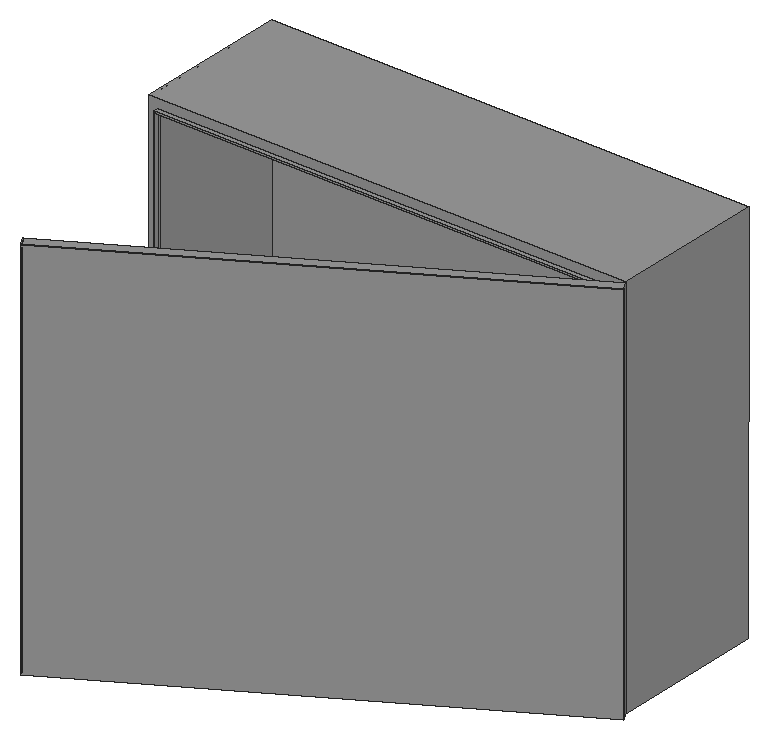
Revit family "Hager-Univers-IP55-D275-H650-Cl.I-Steel_encl-NoHosted-NL-en", category Equipement électrique, Revit 2020
Family settings
  Configuration du panneau = Deux colonnes, circuits au sein
  Cote de connecteur circulaire = Utiliser le diamètre
  Type d'élément = Tableau de raccordement
  Basée sur le plan de construction = Oui
  Toujours verticalement = Oui
  Couper avec des vides une fois chargée = Non
  Partagée = Non
  Point de calcul de pièce = Non
Parameters (values of type "Surface mounted (plaster) IP55 W800 H650 D275  - FR43E")
  Width Control [instance] = if([EF000008 - Width] > Min Width, [EF000008 - Width], Min Width)  # 800 mm
  Commentaires du type = [HG000003 - Range]  # "Univers"
  Thickness Door [instance] = if([EF009171 - Material plate thickness door/cover] > 3 mm, 3 mm, [EF009171 - Material plate thickness door/cover])  # 1.5 mm
  Seal Frame Offset [instance] = 17 mm  # constant formula
  Plinth Visibility [instance] = [HG000027 - Plinth height] > 0 mm  # no
  Min Width [instance] = 100 mm  # constant formula
  Min Depth [instance] = (2 * [EF009170 - Material plate thickness cabinet]) + 1 mm  # 4 mm
  Min Height [instance] = 100 mm  # constant formula
  Internal Frame Depth [instance] = (Door System Depth * 0.5)  # 9 mm
  Panel Name [instance] = ""  # (empty or 0)
  Model = ""
  HG000027 - Plinth height = 0 mm
  HG000026 - Floor standing = no
  HG000024 - Bottom section height = 600 mm
  HG000023 - Double section enclosure = no
  HG000016 - Door 3d visibility [instance] = yes
  HG000015 - Clearance visibility [instance] = no
  HG000014 - Door on the right [instance] = yes
  HG000013 - Door on the left [instance] = not([HG000014 - Door on the right])  # no
  HG000012 - Door swing angle [instance] = 30.00°
  HG000010 - Asymmetric doors = no
  HG000009 - Double swing door = no
  HG000006 - Flush mounted = no
  HG000004 - Manufacturer reference = "FR43E"
  HG000003 - Range = "Univers"
  HG000002 - With door or cover = yes
  Frame Offset Bottom [instance] = 10 mm  # constant formula
  Frame Offset [instance] = 15 mm  # constant formula
  EF015940 - Cover with overpressure release = no
  EF011959 - Degree of protection (NEMA) = ""
  EF009554 - Number of openings for flange plates = 6
  EF009212 - Cover model = "EV000116 - Closed"
  EF009171 - Material plate thickness door/cover = 1.5 mm
  EF009170 - Material plate thickness cabinet = 1.5 mm
  EF008873 - Nominal current (In) = 800 A
  EF007800 - Suitable for lightning protection = no
  EF006306 - With lock = no
  EF006244 - Transparent cover/door = no
  EF005474 - Degree of protection (IP) = "EV006420 - IP55"
  EF004464 - Type of door = "EV002646 - Single"
  EF004427 - Number of modules = 144
  EF004293 - Impact strength = "EV008784 - IK10"
  EF003532 - Suitable for outdoor use = no
  EF002950 - Width in number of modular spacings = 24
  EF001613 - Circuit integrity = "EV000494 - None"
  EF001596 - Material housing = "EV000179 - Steel"
  EF001131 - Internal depth = 275 mm
  EF001088 - Extension possible = yes
  EF000437 - Number of conduit inlets = 6
  EF000339 - Type of cover = "EV004216 - Door"
  EF000266 - Number of rows = 4
  EF000218 - Built-in depth = 0 mm
  EF000118 - With mounting plate = no
  EF000116 - RAL-number = "7035"
  EF000049 - Depth = 275 mm
  EF000040 - Height = 650 mm
  EF000008 - Width = 800 mm
  EF000007 - Colour = "EV000270 - Grey"
  EF000003 - Mounting method = "EV000384 - Surface mounted (plaster)"
  Door System Leaf Tolerance [instance] = 1.5 mm  # constant formula
  Door System Depth [instance] = 18 mm  # constant formula
  Door Height [instance] = Height Control - [HG000027 - Plinth height]  # 650 mm
  Description = ""
  Default Elevation = 1219.2 mm
  Connector Offset [instance] = Height Control / 2  # 325 mm
  Fabricant = "Hager"  # constant formula
  Height Control [instance] = if([EF000040 - Height] > Min Height, [EF000040 - Height], Min Height)  # 650 mm
  Depth Control [instance] = if([EF000049 - Depth] > Min Depth, [EF000049 - Depth], Min Depth)  # 275 mm
  Bottom Top Plate Trim [instance] = 1.5 mm  # constant formula
  Plinth height Ctrl [instance] = if([HG000027 - Plinth height] > 0 mm, [HG000027 - Plinth height], 12 mm)  # 12 mm
Types (5, lengths in mm): name | Width Control | HG000010 - Asymmetric doors | HG000009 - Double swing door | HG000004 - Manufacturer reference | EF009554 - Number of openings for flange plates | EF004464 - Type of door | EF004427 - Number of modules | EF000437 - Number of conduit inlets | EF000008 - Width
  Surface mounted (plaster) IP55 W1050 H650 D275  - FR44E | 1050 | no | yes | "FR44E" | 8 | "EV003602 - Double" | 192 | 8 | 1050
  Surface mounted (plaster) IP55 W1300 H650 D275  - FR45E | 1300 | yes | yes | "FR45E" | 10 | "EV003602 - Double" | 240 | 10 | 1300
  Surface mounted (plaster) IP55 W300 H650 D275  - FR41E | 300 | no | no | "FR41E" | 2 | "EV002646 - Single" | 48 | 2 | 300
  Surface mounted (plaster) IP55 W550 H650 D275  - FR42E | 550 | no | no | "FR42E" | 4 | "EV002646 - Single" | 96 | 4 | 550
  Surface mounted (plaster) IP55 W800 H650 D275  - FR43E | 800 | no | no | "FR43E" | 6 | "EV002646 - Single" | 144 | 6 | 800
Reference planes
  plane 1 "Center (Front/Back)": y = 0
  plane 2: z = 0
  plane 3 "Center (Left/Right)": x = 0
  plane 4: y = 0
  plane 5: y = 0
  plane 6: z = 0
  plane 7: x = -400
  plane 8: x = 400
  plane 9: x = 398.5
  plane 10: x = -398.5
  plane 11: z = 0
  plane 12: z = 1.5
  plane 13: y = -275
  plane 14: y = -1.5
  plane 15: x = 0
  plane 16: y = -257
  plane 17: y = -273.5
  plane 18: y = -255.5
  plane 19: x = -383.5
  plane 20: x = 383.5
  plane 21: z = 11.5
  plane 22: x = -383
  plane 23: x = 383
  plane 24: z = 0
  plane 25: z = 650
  plane 26: z = 650
  plane 27: z = 633.5
  plane 28: z = 648.5
Forms (mm)
  Extrusion 1, solid, material "Hager_Steel_RAL7035_Light_Grey", detail levels medium+fine
    sketch origin (-208.679, -4572, 0) x (-1, 0, 0) y (0, -1, 0)
      loop
        line (191.321, -4315) -> (-608.679, -4315) -> (-608.679, -4572) -> (191.321, -4572) -> (191.321, -4315)
    from 0 to 650
  Extrusion 2, void
    sketch origin (-350.771, -275, 1219.2) x (1, 0, 0) y (0, 0, 1)
      loop
        line (-47.729, -570.7) -> (-47.729, -1217.7) -> (749.271, -1217.7) -> (749.271, -570.7) -> (-47.729, -570.7)
    from -19.5 to -273.5
  Extrusion 3, void
    sketch origin (-290.084, -257, 1219.2) x (1, 0, 0) y (0, 0, 1)
      loop
        line (-93.416, -1207.7) -> (673.584, -1207.7) -> (673.584, -585.7) -> (-93.416, -585.7) -> (-93.416, -1207.7)
    from 0 to -1.5
  Extrusion 4, solid, material "Hager_Steel_RAL7035_Light_Grey", visible <- "Plinth Visibility", detail levels medium+fine
    sketch origin (0, 0, 0) x (1, 0, 0) y (0, 1, 0)
      loop
        line (-400, 0) -> (-400, -257) -> (400, -257) -> (400, 0) -> (-400, 0)
    from 0 to 12 <- "Plinth height Ctrl"
  Extrusion 5, solid, material "Hager_Steel_RAL7035_Light_Grey", detail levels coarse
    sketch origin (0, 0, 0) x (1, 0, 0) y (0, 1, 0)
      loop
        line (-400, 0) -> (-400, -275) -> (400, -275) -> (400, 0) -> (-400, 0)
    from 0 to 650 <- "Height Control"
  Sweep 6, void
    path in 3D
      loop
        line (-400, -257, 12) -> (400, -257, 12) -> (400, 0, 12) -> (-400, 0, 12) -> (-400, -257, 12)
    profile origin (-400, -128.5, 12) x (1, 0, 0) y (0, 0, 1)
      loop
        line (0, 0) -> (0, -1.5) -> (1.5, -1.5)
        arc (1.5, -1.5) -> (1.061, -0.439) -> (0, 0) r 1.5
  Extrusion 7, solid, material "Hager_Steel_RAL7035_Light_Grey", detail levels fine
    sketch origin (-400, -257, 0) x (1, 0, 0) y (0, 0, 1)
      loop
        line (16.5, 11.5) -> (783.5, 11.5) -> (783.5, 633.5) -> (16.5, 633.5) -> (16.5, 11.5)
      loop
        line (15, 10) -> (785, 10) -> (785, 635) -> (15, 635) -> (15, 10)
    from 0 to 9 <- "Internal Frame Depth"
Cuts and joins
  Extrusion 2, Extrusion 3 cuts Extrusion 1
  Sweep 6 cuts Extrusion 4
Lines and regions (mm)
  Masking region 1
    outline origin (0, 0, 0) x (1, 0, 0) y (0, 1, 0)
      loop
        line (-400, 0) -> (-400, -275) -> (400, -275) -> (400, 0) -> (-400, 0)
  Masking region 2, detail levels coarse
    outline origin (-290.084, -257, 1219.2) x (-1, 0, 0) y (0, 0, 1)
      loop
        line (-690.084, -1219.2) -> (109.916, -1219.2) -> (109.916, -569.2) -> (-690.084, -569.2) -> (-690.084, -1219.2)
  Masking region 3, detail levels coarse
    outline origin (0, 0, 0) x (0, 1, 0) y (0, 0, 1)
      loop
        line (0, 0) -> (0, 650) -> (-275, 650) -> (-275, 0) -> (0, 0)
  Masking region 4, visible <- "Plinth Visibility", detail levels medium+fine
    outline origin (0, 0, 0) x (0, 1, 0) y (0, 0, 1)
      loop
        line (-1.5, 12) -> (-255.5, 12)
        arc (-255.5, 12) -> (-255.939, 10.939) -> (-257, 10.5) r 1.5
        line (-257, 10.5) -> (-257, 0) -> (0, 0) -> (0, 10.5)
        arc (0, 10.5) -> (-1.061, 10.939) -> (-1.5, 12) r 1.5
  Masking region 5, detail levels medium+fine
    outline origin (0, 0, 594.038) x (0, 1, 0) y (0, 0, 1)
      loop
        line (0, -594.038) -> (0, 55.962) -> (-257, 55.962) -> (-257, -594.038) -> (0, -594.038)
  Masking region 6, detail levels medium+fine
    outline origin (-359.7, -257, 1211.883) x (-1, 0, 0) y (0, 0, 1)
      loop
        line (-759.7, -1211.883) -> (40.3, -1211.883) -> (40.3, -561.883) -> (-759.7, -561.883) -> (-759.7, -1211.883)
  Masking region 7, visible <- "Plinth Visibility", detail levels medium+fine
    outline origin (-320.334, -257, 1041.368) x (-1, 0, 0) y (0, 0, 1)
      loop
        line (-720.334, -1041.368) -> (79.666, -1041.368) -> (79.666, -1030.868)
        arc (79.666, -1030.868) -> (78.606, -1030.429) -> (78.166, -1029.368) r 1.5
        line (78.166, -1029.368) -> (-718.834, -1029.368)
        arc (-718.834, -1029.368) -> (-719.273, -1030.429) -> (-720.334, -1030.868) r 1.5
        line (-720.334, -1030.868) -> (-720.334, -1041.368)
  sketch lines
    curve 1: line (-400, 0, 12) -> (-400, -257, 12)
    curve 2: line (-400, -257, 12) -> (400, -257, 12)
    curve 3: line (400, 0, 12) -> (-400, 0, 12)
    curve 4: line (400, -257, 12) -> (400, 0, 12)
Dimensions and locks
  locked: plane 1 "Center (Front/Back)" to plane 5
  "EF009170 - Material plate thickness cabinet": plane 7 to plane 10
  "EF009170 - Material plate thickness cabinet": plane 8 to plane 9
  equal spacing: plane 7, plane 3 "Center (Left/Right)", plane 8
  "Width Control": plane 7 to plane 8
  "Depth Control": plane 4 to plane 13
  "EF009170 - Material plate thickness cabinet": plane 4 to plane 14
  "Height Control": plane 25 to level
  "HG000027 - Plinth height": plane 11 to level
  "EF009170 - Material plate thickness cabinet": plane 12 to plane 11
  "EF009170 - Material plate thickness cabinet": plane 17 to plane 13
  "EF009170 - Material plate thickness cabinet": plane 18 to plane 16
  "Frame Offset Bottom": plane 21 to plane 12
  "Frame Offset": plane 10 to plane 19
  "Frame Offset": plane 9 to plane 20
  "Door System Depth": plane 16 to plane 13
  "Seal Frame Offset": plane 7 to plane 22
  "Seal Frame Offset": plane 8 to plane 23
  "EF009170 - Material plate thickness cabinet": plane 26 to plane 28
  "Frame Offset": plane 28 to plane 27
  "Connector Offset": plane 2 to connector elem
  "Bottom Top Plate Trim": profile plane to Sweep 6 sketch curve
  "Bottom Top Plate Trim": Sweep 6 sketch curve to Sweep 6 sketch curve
  "Plinth height Ctrl": Masking region 4 sketch curve to level
  "Plinth height Ctrl": Masking region 7 sketch curve to level
  "Thickness Door": Extrusion 7 sketch curve to Extrusion 7 sketch curve  (x4)
  "Bottom Top Plate Trim": radius of Sweep 6 sketch curve
  "Bottom Top Plate Trim": radius of Masking region 4 sketch curve  (x2)
  "Bottom Top Plate Trim": radius of Masking region 7 sketch curve  (x2)
  aligned and locked: Extrusion 2 sketch curve to plane 12
  aligned and locked: Extrusion 2 sketch curve to plane 9
  aligned and locked: Extrusion 2 sketch curve to plane 10
  aligned and locked: Extrusion 2 to plane 14
  aligned and locked: Extrusion 1 sketch curve to plane 4
  aligned and locked: plane 8 to Extrusion 1 sketch curve
  aligned and locked: plane 7 to Extrusion 1 sketch curve
  aligned and locked: Extrusion 2 to plane 18
  aligned and locked: Extrusion 3 sketch curve to plane 19
  aligned and locked: plane 20 to Extrusion 3 sketch curve
  aligned and locked: Extrusion 3 to Extrusion 2
  aligned and locked: Extrusion 3 sketch curve to plane 21
  aligned and locked: plane 3 "Center (Left/Right)" to nested 1
  aligned and locked: Extrusion 1 sketch curve to plane 16
  aligned and locked: Extrusion 4 sketch curve to cut or joined group of Extrusion 1, Extrusion 2, Extrusion 3
  aligned and locked: Masking region 1 sketch curve to plane 7
  aligned and locked: Masking region 1 sketch curve to plane 5
  aligned and locked: Masking region 1 sketch curve to plane 8
  aligned and locked: Masking region 2 sketch curve to level
  aligned and locked: level to Masking region 3 sketch curve
  aligned and locked: plane 1 "Center (Front/Back)" to Masking region 3 sketch curve
  aligned and locked: plane 13 to Masking region 3 sketch curve
  aligned and locked: plane 5 to Masking region 4 sketch curve
  aligned and locked: Masking region 2 sketch curve to plane 8
  aligned and locked: Masking region 2 sketch curve to plane 7
  aligned and locked: plane 7 to nested 2
  aligned and locked: nested 2 to plane 5
  aligned and locked: plane 5 to Masking region 5 sketch curve
  aligned and locked: plane 26 to Masking region 5 sketch curve
  aligned and locked: Extrusion 5 sketch curve to plane 8
  aligned and locked: Extrusion 5 sketch curve to plane 7
  aligned and locked: Extrusion 5 sketch curve to plane 5
  aligned and locked: Extrusion 3 sketch curve to plane 27
  aligned and locked: Extrusion 2 sketch curve to plane 28
  aligned and locked: Masking region 2 to plane 25
  aligned and locked: Extrusion 4 to plane 16
  aligned and locked: profile plane to Sweep 6 sketch curve
  aligned and locked: Masking region 5 sketch curve to plane 24
  aligned and locked: level to Masking region 4 sketch curve
  aligned and locked: Masking region 1 to plane 13
  aligned and locked: nested 1 to plane 16
  aligned and locked: Masking region 3 to plane 25
  aligned and locked: plane 16 to Masking region 4 sketch curve
  aligned and locked: Masking region 5 sketch curve to plane 16
  aligned and locked: plane 24 to plane 11
  aligned and locked: plane 26 to plane 25
  aligned and locked: plane 26 to cut or joined group of Extrusion 1, Extrusion 2, Extrusion 3
  aligned and locked: nested 1 to plane 24
  aligned and locked: Extrusion 1 to Extrusion 3
  aligned and locked: Masking region 6 sketch curve to plane 8
  aligned and locked: Masking region 6 sketch curve to plane 24
  aligned and locked: Masking region 6 sketch curve to plane 7
  aligned and locked: Masking region 6 sketch curve to plane 26
  aligned and locked: Masking region 7 sketch curve to plane 7
  aligned and locked: level to Masking region 7 sketch curve
  aligned and locked: Masking region 7 sketch curve to plane 8
  aligned and locked: Extrusion 7 sketch curve to cut or joined group of Extrusion 1, Extrusion 2, Extrusion 3  (x4)
Automatic sketch dimensions
  plane 19 to Extrusion 3 sketch curve = 0 mm
  Extrusion 3 sketch curve to plane 20 = 0 mm
  Extrusion 3 sketch curve to plane 21 = 0 mm
  Extrusion 4 sketch curve to plane 7 = 0 mm
  Extrusion 4 sketch curve to plane 8 = 0 mm
  Extrusion 4 sketch curve to plane 16 = 0 mm
  Masking region 1 sketch curve to plane 13 = 0 mm
  Masking region 2 sketch curve to plane 25 = 0 mm
  Masking region 3 sketch curve to plane 25 = 0 mm
  Extrusion 5 sketch curve to plane 13 = 0 mm
  profile plane to Sweep 6 sketch curve = 0 mm
Nested families
  nested 1: "EC000058_Univers_Door" at (0, -257, 0), Double <- "HG000009 - Double swing door", Transparent <- "EF006244 - Transparent cover/door", Angle <- "HG000012 - Door swing angle", Door_Right <- "HG000014 - Door on the right", Assymetrical <- "HG000010 - Asymmetric doors", Door <- "HG000002 - With door or cover", Width_Ctrl <- "Width Control", 3d_Door <- "HG000016 - Door 3d visibility", Clearance <- "HG000015 - Clearance visibility", Door_Left <- "HG000013 - Door on the left", Width <- "Width Control", Door_Depth <- "Door System Depth", Leaf_Tolerance <- "Door System Leaf Tolerance", Height <- "Door Height", Lock_Visibility <- "EF006306 - With lock", Thickness <- "Thickness Door", type "EC000058_Univers_Door", detail levels medium+fine
    with min_wh 4 mm, Width_Ctrl 800 mm, Width 800 mm, Transparent no, Thickness 1.5 mm, Seal_Material Hager_Rubber, Lock_Visibility no, Lock_Material Hager_Plastic_RAL9005_Jet_Black, Leaf_Width 800 mm, Leaf_Tolerance_External_Sides 0 mm, Leaf_Tolerance 1.5 mm, Leaf_Offset 0 mm, Leaf_Height 647 mm, Leaf_2_Width 800 mm, Leaf_2_Offset 400 mm, Leaf_1_Width 800 mm, Leaf_1_Offset 400 mm, Height_Ctrl 650 mm, Height 650 mm, Glass_Material Hager_Glass, Double_Clearance_Ctrl no, Double no, Door_Right_Ctrl yes, Door_Right yes, Door_Material Hager_Steel_RAL7035_Light_Grey, Door_Left_Ctrl no, Door_Left no, Door_Depth 18 mm, Door yes, Clearance_Material Hager_Clearance, Clearance_Depth 800 mm, Clearance_Ctrl no, Clearance no, Assymetrical no, Angle 30.00°, 3d_Door yes
  nested 2: "Hager_Enclosure_Symbol" at (-400, 0, 0), Height <- "Depth Control", Width <- "Width Control", type "Hager_Enclosure_Symbol"
    with Width_Ctrl 800 mm, Width 800 mm, Height_Ctrl 275 mm, Height 275 mm, A_Width_Int 18.047 mm, A_Width 216.562 mm, A_Height_Ctrl 240.625 mm, A_Height 240.625 mm
Connectors
  electrical at (0, 0, 325)
    settings: on plane 1 "Center (Front/Back)", index 1, voltage 0 V, apparent load 0 VA, apparent load phase1 0 VA, apparent load phase2 0 VA, apparent load phase3 0 VA, power factor 1, load classification "Other", number of poles 1, system type 30, power factor state 1, is connector primary yes, connector utility no, sub classification motor no, connector description ""
Definition of nested family "EC000058_Univers_Door"
  Parameters (values of type "EC000058_Univers_Door")
    min_wh [instance] = (2 * Thickness) + 1 mm  # 11 mm
    Width_Ctrl [instance] = 400 mm
    Width [instance] = 500 mm
    Transparent [instance] = yes
    Thickness [instance] = 5 mm
    Seal_Material [instance] = none
    Lock_Visibility [instance] = yes
    Lock_Material [instance] = none
    Leaf_Width [instance] = if((Width_Ctrl - 2 * Leaf_Tolerance_External_Sides) > 0 mm, (Width_Ctrl - 2 * Leaf_Tolerance_External_Sides), min_wh)  # 400 mm
    Leaf_Tolerance_External_Sides [instance] = 0 mm  # constant formula
    Leaf_Tolerance [instance] = 1.5 mm
    Leaf_Offset [instance] = 0 mm  # constant formula
    Leaf_Height [instance] = if((Height_Ctrl - 2 * Leaf_Tolerance) > 0 mm, (Height_Ctrl - 2 * Leaf_Tolerance), min_wh)  # 497 mm
    Leaf_2_Width [instance] = if(and(and(Double, Assymetrical), Door_Left), (Leaf_Width / 3) - (Leaf_Tolerance / 2), if(and(and(Double, Assymetrical), Door_Right), (Leaf_Width / 3) * 2 - (Leaf_Tolerance / 2), if(and(Double, not(Assymetrical)), (Leaf_Width / 2) - Leaf_Tolerance, Leaf_Width)))  # 400 mm
    Leaf_2_Offset [instance] = if(and(Double, Assymetrical), Leaf_2_Width / 2, if(and(Double, not(Assymetrical)), Leaf_Width / 4, Leaf_Width / 2))  # 200 mm
    Leaf_1_Width [instance] = if(and(and(Double, Assymetrical), Door_Right), (Leaf_Width / 3) - (Leaf_Tolerance / 2), if(and(and(Double, Assymetrical), Door_Left), (Width / 3) * 2 - (Leaf_Tolerance / 2), if(and(Double, not(Assymetrical)), (Leaf_Width / 2) - Leaf_Tolerance, Leaf_Width)))  # 400 mm
    Leaf_1_Offset [instance] = if(and(Double, Assymetrical), Leaf_1_Width / 2, if(and(Double, not(Assymetrical)), Leaf_Width / 4, Leaf_Width / 2))  # 200 mm
    Height_Ctrl [instance] = if(Height > min_wh, Height, min_wh)  # 500 mm
    Height [instance] = 500 mm
    Glass_Material [instance] = none
    Double_Clearance_Ctrl [instance] = and(Double, Clearance)  # no
    Double [instance] = no
    Door_Right_Ctrl [instance] = and(or(Door_Right, Double), Door)  # yes
    Door_Right [instance] = yes
    Door_Material [instance] = none
    Door_Left_Ctrl [instance] = and(or(Door_Left, Double), Door)  # no
    Door_Left [instance] = no
    Door_Depth [instance] = 30 mm
    Door [instance] = yes
    Default Elevation = 1219.2 mm
    Clearance_Material [instance] = none
    Clearance_Depth [instance] = if(Leaf_1_Width > Leaf_2_Width, Leaf_1_Width, Leaf_2_Width)  # 400 mm
    Clearance_Ctrl [instance] = and(not(Double), Clearance)  # yes
    Clearance [instance] = yes
    Assymetrical [instance] = yes
    Angle [instance] = 30.00°
    3d_Door [instance] = yes
  Reference planes
    plane 1 "Center (Front/Back)": y = 0
    plane 2 "Bottom": z = 0
    plane 3 "Center (Left/Right)": x = 0
    plane 4: z = 500
    plane 5: x = -200
    plane 6: x = 200
    plane 7: z = 500
    plane 8: x = -200
    plane 9: z = 0
    plane 10: x = 200
    plane 11: y = 0
    plane 12: z = 1.5
    plane 13: x = -600
    plane 14: y = -400
    plane 15: x = 600
    plane 16: x = 0
    plane 17: x = 0
    plane 18: x = -200
    plane 19: x = 200
    plane 20: z = 498.5
  Forms (mm)
    Extrusion 1, solid, material <- "Clearance_Material", visible <- "Double_Clearance_Ctrl"
      sketch origin (1200, 0, 0) x (1, 0, 0) y (0, 0, -1)
        loop
          line (-1800, -498.5) -> (-600, -498.5) -> (-600, 0) -> (-1800, 0) -> (-1800, -498.5)
      from 0 to -400
  Dimensions and locks
    equal spacing: plane 5, plane 3 "Center (Left/Right)", plane 6
    "Width_Ctrl": plane 5 to plane 6
    "Leaf_Offset": plane 5 to plane 8
    "Leaf_Offset": plane 6 to plane 10
    "Leaf_Offset": plane 9 to level
    "Leaf_Offset": plane 4 to plane 7
    "Height_Ctrl": plane 4 to level
    "Leaf_Tolerance": plane 12 to plane 9
    locked: plane 11 to plane 1 "Center (Front/Back)"
    "Leaf_1_Offset": plane 18 to plane 16
    "Leaf_2_Offset": plane 17 to plane 19
    "Leaf_1_Width": plane 13 to plane 8
    "Leaf_2_Width": plane 10 to plane 15
    "Clearance_Depth": plane 14 to plane 1 "Center (Front/Back)"
    "Leaf_Tolerance_External_Sides": plane 8 to plane 18
    "Leaf_Tolerance_External_Sides": plane 19 to plane 10
    "Leaf_Tolerance": plane 7 to plane 20
    aligned and locked: level to plane 2 "Bottom"
    aligned and locked: nested 1 to plane 16
    aligned and locked: nested 2 to plane 17
    aligned and locked: Extrusion 1 to plane 13
    aligned and locked: plane 15 to Extrusion 1
    aligned and locked: Extrusion 1 to plane 14
    aligned and locked: plane 12 to nested 1
    aligned and locked: nested 2 to plane 12
    aligned and locked: Extrusion 1 to plane 11
    aligned and locked: plane 20 to Extrusion 1
    aligned and locked: nested 2 to plane 11
    aligned and locked: nested 1 to plane 11
  Automatic sketch dimensions
    Extrusion 1 sketch curve to level = 0 mm
    plane 5 to Extrusion 1 sketch curve = 400 mm
    plane 6 to Extrusion 1 sketch curve = 400 mm
    Extrusion 1 sketch curve to plane 4 = 1.5 mm
  Nested families
    nested 1: "EC000058_Univers_Door_Leaf" at (0, 0, 1.5), Width <- "Leaf_1_Width", visible <- "Door_Left_Ctrl", Leaf_Height <- "Leaf_Height", Angle <- "Angle", 3d_Door <- "3d_Door", Transparent <- "Transparent", Clearance Material <- "Clearance_Material", Clearance <- "Clearance_Ctrl", Door_Material <- "Door_Material", Glass_Material <- "Glass_Material", Door_Depth <- "Door_Depth", Lock_Material <- "Lock_Material", Seal_Material <- "Seal_Material", Lock_Visibility <- "Lock_Visibility", Thickness <- "Thickness", type "EC000058_Univers_Door_Leaf"
      with Width 400 mm, Transparent_Glass_Offset 30 mm, Transparent_Ctrl yes, Transparent yes, Thickness 5 mm, Standard no, Seal_Material none, Seal_D2 8 mm, Seal_D1 1 mm, Offset_Internal_Frame 10 mm, Lock_Width 20 mm, Lock_Visibility_3d yes, Lock_Visibility yes, Lock_Thickness_3 3 mm, Lock_Thickness_2 1 mm, Lock_Thickness_1 3 mm, Lock_Radius_Offset_2 16 mm, Lock_Radius_Offset_1 15 mm, Lock_Radius_2 5 mm, Lock_Radius 6 mm, Lock_Offset 5 mm, Lock_Material none, Lock_Height 80 mm, Lock_Cover_Top_Offset_2d 17 mm, Lock_Cover_Height -65 mm, Leaf_Height 497 mm, Internal_Seal_Thickness 8 mm, Internal_Seal_Depth_2 4.5 mm, Internal_Frame_Depth 25 mm, Glass_Thickness -1 mm, Glass_Offset -2 mm, Glass_Material none, Door_Material none, Door_Depth 30 mm, Clearance Material none, Clearance yes, Angle_Ctrl 30.00°, Angle 30.00°, 3d_Door yes
    nested 2: "EC000058_Univers_Door_Leaf" at (0, 0, 1.5) x (-1, 0, 0) z (0, 0, 1), Width <- "Leaf_2_Width", visible <- "Door_Right_Ctrl", Leaf_Height <- "Leaf_Height", Angle <- "Angle", 3d_Door <- "3d_Door", Transparent <- "Transparent", Clearance Material <- "Clearance_Material", Clearance <- "Clearance_Ctrl", Door_Material <- "Door_Material", Glass_Material <- "Glass_Material", Door_Depth <- "Door_Depth", Lock_Material <- "Lock_Material", Seal_Material <- "Seal_Material", Lock_Visibility <- "Lock_Visibility", Thickness <- "Thickness", type "EC000058_Univers_Door_Leaf"
      with Width 400 mm, Transparent_Glass_Offset 30 mm, Transparent_Ctrl yes, Transparent yes, Thickness 5 mm, Standard no, Seal_Material none, Seal_D2 8 mm, Seal_D1 1 mm, Offset_Internal_Frame 10 mm, Lock_Width 20 mm, Lock_Visibility_3d yes, Lock_Visibility yes, Lock_Thickness_3 3 mm, Lock_Thickness_2 1 mm, Lock_Thickness_1 3 mm, Lock_Radius_Offset_2 16 mm, Lock_Radius_Offset_1 15 mm, Lock_Radius_2 5 mm, Lock_Radius 6 mm, Lock_Offset 5 mm, Lock_Material none, Lock_Height 80 mm, Lock_Cover_Top_Offset_2d 17 mm, Lock_Cover_Height -65 mm, Leaf_Height 497 mm, Internal_Seal_Thickness 8 mm, Internal_Seal_Depth_2 4.5 mm, Internal_Frame_Depth 25 mm, Glass_Thickness -1 mm, Glass_Offset -2 mm, Glass_Material none, Door_Material none, Door_Depth 30 mm, Clearance Material none, Clearance yes, Angle_Ctrl 30.00°, Angle 30.00°, 3d_Door yes
  Definition of nested family "EC000058_Univers_Door_Leaf"
    Parameters (values of type "EC000058_Univers_Door_Leaf")
      Width [instance] = 2000 mm
      Transparent_Glass_Offset [instance] = 30 mm
      Transparent_Ctrl [instance] = and(Transparent, [3d_Door])  # yes
      Transparent [instance] = yes
      Thickness [instance] = 5 mm
      Standard [instance] = and(not(Transparent), [3d_Door])  # no
      Seal_Material [instance] = none
      Seal_D2 [instance] = 8 mm  # constant formula
      Seal_D1 [instance] = 1 mm  # constant formula
      Offset_Internal_Frame [instance] = 10 mm  # constant formula
      Lock_Width [instance] = 20 mm  # constant formula
      Lock_Visibility_3d [instance] = and(Lock_Visibility, [3d_Door])  # yes
      Lock_Visibility [instance] = yes
      Lock_Thickness_3 [instance] = 3 mm  # constant formula
      Lock_Thickness_2 [instance] = 1 mm  # constant formula
      Lock_Thickness_1 [instance] = 3 mm  # constant formula
      Lock_Radius_Offset_2 [instance] = Lock_Radius_Offset_1 + 1 mm  # 16 mm
      Lock_Radius_Offset_1 [instance] = 15 mm  # constant formula
      Lock_Radius_2 [instance] = Lock_Radius - 1 mm  # 5 mm
      Lock_Radius [instance] = 6 mm  # constant formula
      Lock_Offset [instance] = 5 mm  # constant formula
      Lock_Material [instance] = none
      Lock_Height [instance] = 80 mm  # constant formula
      Lock_Cover_Top_Offset_2d [instance] = Lock_Radius_Offset_2 + 1 mm  # 17 mm
      Lock_Cover_Height [instance] = -(Lock_Height - Lock_Radius_Offset_1)  # -65 mm
      Leaf_Height [instance] = 2720.336 mm
      Internal_Seal_Thickness [instance] = 8 mm  # constant formula
      Internal_Seal_Depth_2 [instance] = 4.5 mm  # constant formula
      Internal_Frame_Depth [instance] = if(Door_Depth - Thickness > 5 mm, Door_Depth - Thickness, 5 mm)  # 25 mm
      Glass_Thickness [instance] = if(Thickness > 15 mm, Glass_Offset + 10 mm, -1 mm)  # -1 mm
      Glass_Offset [instance] = if(Thickness > 15 mm, -(Thickness + 10 mm) / 2, -2 mm)  # -2 mm
      Glass_Material [instance] = none
      Door_Material [instance] = none
      Door_Depth [instance] = 30 mm
      Default Elevation = 0 mm
      Clearance Material [instance] = none
      Clearance [instance] = yes
      Angle_Ctrl [instance] = if(Angle > 180.00°, 180.00°, Angle)  # 90.00°
      Angle [instance] = 90.00°
      3d_Door [instance] = yes
    Reference planes
      plane 1 "Center (Front/Back)": y = 0
      plane 2: z = 0
      plane 3 "Center (Left/Right)": x = 0
      plane 4: y = 2000
      plane 5: x = -1000
      plane 6: x = 1000
      plane 7: x = -3000
      plane 8: z = 2720.336
      plane 9: z = 30
      plane 10: z = 2690.336
      plane 11: x = 970
      plane 12: x = -970
      plane 13: y = -3
      plane 14: z = 107.833
      plane 15: y = -5
      plane 16: y = -223.314
      plane 17: x = -1000
      plane 18: z = 1360.168
      plane 19: y = 30
    Forms (mm)
      Extrusion 1, solid, material <- "Clearance Material", visible <- "Clearance"
        sketch origin (0, 0, 0) x (1, 0, 0) y (0, 0, 1)
          loop
            line (-3000, 2720.336) -> (-3000, 0) -> (1000, 0) -> (1000, 2720.336) -> (-3000, 2720.336)
        from 0 to -2000
      Extrusion 2, solid, material <- "Door_Material", visible <- "Standard", detail levels medium+fine
        sketch origin (-1000, 0, 0) x (0, 1, 0) y (-1, 0, 0)
          loop
            line (0, 30) -> (0, 25) -> (2000, 25) -> (2000, 30) -> (0, 30)
        from 0 to 2720.336 <- "Leaf_Height"
      Extrusion 3, solid, material <- "Door_Material", visible <- "Transparent_Ctrl", detail levels medium+fine
        sketch origin (-1000, 0, 0) x (0, 1, 0) y (-1, 0, 0)
          loop
            line (0, 25) -> (2000, 25) -> (2000, 30) -> (0, 30) -> (0, 25)
        from 0 to 2720.336 <- "Leaf_Height"
      Extrusion 4, void
        sketch origin (-1025, 2000, 0) x (0, 1, 0) y (0, 0, -1)
          loop
            line (-30, -2690.336) -> (-30, -30) -> (-1970, -30) -> (-1970, -2690.336) -> (-30, -2690.336)
        from 0 to 5 <- "Thickness"
      Sweep 5, solid, material <- "Seal_Material", visible <- "Transparent_Ctrl", detail levels fine
        path in 3D
          loop
            line (-1025, 30, 30) -> (-1025, 30, 2690.336) -> (-1025, 1970, 2690.336) -> (-1025, 1970, 30) -> (-1025, 30, 30)
        profile origin (-1025, 1000, 30) x (1, 0, 0) y (0, 0, 1)
          loop
            line (0, 0) -> (0, -8) -> (1, -8) -> (1, 0) -> (0, 0)
      Extrusion 6, solid, material <- "Glass_Material", visible <- "Transparent_Ctrl", detail levels medium+fine
        sketch origin (-1030, 0, 0) x (0, 1, 0) y (0, 0, -1)
          loop
            line (1970, -2690.336) -> (1970, -30) -> (30, -30) -> (30, -2690.336) -> (1970, -2690.336)
        from -2 <- "Glass_Offset" to -1 <- "Glass_Thickness"
      Extrusion 7, solid, material <- "Door_Material", visible <- "3d_Door", detail levels medium+fine
        sketch origin (-1025, 2000, 0) x (0, -1, 0) y (0, 0, -1)
          loop
            line (0, -2720.336) -> (2000, -2720.336) -> (2000, 0) -> (0, 0) -> (0, -2720.336)
          loop
            line (1995, -5) -> (5, -5) -> (5, -2715.336) -> (1995, -2715.336) -> (1995, -5)
        from 0 to 25 <- "Internal_Frame_Depth"
      Sweep 8, solid, material <- "Seal_Material", visible <- "Transparent_Ctrl", detail levels fine
        path in 3D
          loop
            line (-1025, 0, 0) -> (-1025, 2000, 0) -> (-1025, 2000, 2720.336) -> (-1025, 0, 2720.336) -> (-1025, 0, 0)
        profile origin (-1025, 0, 1360.168) x (1, 0, 0) y (0, 1, 0)
          loop
            line (0, 10) -> (2.975, 10)
            arc (2.975, 10) -> (4.053, 10.447) -> (4.5, 11.525) r 1.525
            line (4.5, 11.525) -> (4.5, 16.527)
            arc (4.5, 16.527) -> (4.069, 17.569) -> (3.027, 18) r 1.473
            line (3.027, 18) -> (0, 18) -> (0, 10)
      Extrusion 9, solid, material <- "Lock_Material", visible <- "Lock_Visibility_3d", detail levels fine
        sketch origin (-1030, 0, 0) x (0, 1, 0) y (0, 0, -1)
          loop
            arc (1993.5, -1400.168) -> (1994.561, -1399.729) -> (1995, -1398.668) r 1.5
            line (1995, -1398.668) -> (1995, -1320.168) -> (1975, -1320.168) -> (1975, -1398.668)
            arc (1975, -1398.668) -> (1975.439, -1399.729) -> (1976.5, -1400.168) r 1.5
            line (1976.5, -1400.168) -> (1993.5, -1400.168)
        from 3 <- "Lock_Thickness_1" to 0
      Blend 10, solid, material <- "Lock_Material", visible <- "Lock_Visibility_3d", detail levels fine
        base sketch origin (-1033, 0, 0) x (0, 1, 0) y (0, 0, -1)
          loop
            line (1975, -1320.168) -> (1975, -1398.668)
            arc (1975, -1398.668) -> (1975.439, -1399.729) -> (1976.5, -1400.168) r 1.5
            line (1976.5, -1400.168) -> (1993.5, -1400.168)
            arc (1993.5, -1400.168) -> (1994.561, -1399.729) -> (1995, -1398.668) r 1.5
            line (1995, -1398.668) -> (1995, -1320.168) -> (1975, -1320.168)
        top sketch origin (-1033, 0, 0) x (0, 1, 0) y (0, 0, -1)
          loop
            line (1976, -1320.168) -> (1976, -1398.668)
            arc (1976, -1398.668) -> (1976.146, -1399.022) -> (1976.5, -1399.168) r 0.5
            line (1976.5, -1399.168) -> (1993.5, -1399.168)
            arc (1993.5, -1399.168) -> (1993.854, -1399.022) -> (1994, -1398.668) r 0.5
            line (1994, -1398.668) -> (1994, -1320.168) -> (1976, -1320.168)
        from 0 to 1 <- "Lock_Thickness_2"
      Blend 11, solid, material <- "Lock_Material", visible <- "Lock_Visibility_3d", detail levels fine
        base sketch origin (-1034, 0, 0) x (0, 1, 0) y (0, 0, -1)
          loop
            line (1978, -1320.168) -> (1978, -1384.168)
            arc (1978, -1384.168) -> (1985, -1391.168) -> (1992, -1384.168) r 7
            line (1992, -1384.168) -> (1992, -1320.168) -> (1978, -1320.168)
        top sketch origin (-1034, 0, 0) x (0, 1, 0) y (0, 0, -1)
          loop
            line (1991, -1320.168) -> (1979, -1320.168) -> (1979, -1383.168)
            arc (1979, -1383.168) -> (1985, -1389.168) -> (1991, -1383.168) r 6
            line (1991, -1383.168) -> (1991, -1320.168)
        from 0 to 3 <- "Lock_Thickness_3"
      Extrusion 12, solid, material <- "Lock_Material", visible <- "Lock_Visibility_3d", detail levels fine
        sketch origin (-1030, 1975, 1320.168) x (1, 0, 0) y (0, -1, 0)
          loop
            line (-7, -19) -> (-7, -1) -> (0, -1) -> (0, 0) -> (-8, 0) -> (-8, -20) -> (0, -20) -> (0, -19) -> (-7, -19)
        from 0 to -65 <- "Lock_Cover_Height"
      Extrusion 13, void
        sketch origin (-1038, 1995, 1320.168) x (-1, 0, 0) y (0, 0, -1)
          loop
            line (-5, -65) -> (0, -65) -> (-5, -60) -> (-5, -65)
        from 0 to 20 <- "Lock_Width"
      Extrusion 14, void
        sketch origin (-1038, 1975, 1320.168) x (0, -1, 0) y (0, 0, -1)
          loop
            circle (-10, -15.995) r 6
          loop
            circle (-10, -15.995) r 5
        from 0 to 2
      Extrusion 15, solid, material <- "Lock_Material", visible <- "Lock_Visibility_3d", detail levels medium
        sketch origin (-1030, 0, 0) x (0, 1, 0) y (0, 0, -1)
          loop
            arc (1993.5, -1400.168) -> (1994.561, -1399.729) -> (1995, -1398.668) r 1.5
            line (1995, -1398.668) -> (1995, -1320.168) -> (1975, -1320.168) -> (1975, -1398.668)
            arc (1975, -1398.668) -> (1975.439, -1399.729) -> (1976.5, -1400.168) r 1.5
            line (1976.5, -1400.168) -> (1993.5, -1400.168)
        from 8 to 0
    Cuts and joins
      Extrusion 4 cuts Extrusion 3
      Extrusion 13, Extrusion 14 cuts Extrusion 9
      Extrusion 14 cuts Blend 11
      Extrusion 13, Extrusion 14 cuts Extrusion 12
      joined: Extrusion 9, Blend 10, Blend 11, Extrusion 12
      Extrusion 14 cuts Extrusion 15
    Lines and regions (mm)
      Masking region 1, visible <- "Lock_Visibility", detail levels fine
        outline origin (0, 0, 0) x (0, 1, 0) y (0, 0, 1)
          loop
            line (30, 1320.168) -> (33, 1320.168) -> (33, 1400.168) -> (30, 1400.168) -> (30, 1320.168)
      Masking region 2, visible <- "Lock_Visibility", detail levels fine
        outline origin (0, 3.143, 0) x (0, 1, 0) y (0, 0, 1)
          loop
            line (29.857, 1354.168) -> (30.857, 1354.168) -> (30.857, 1366.168) -> (29.857, 1366.168) -> (29.857, 1354.168)
      Masking region 3, detail levels medium+fine
        outline origin (0, 0, 0) x (0, 1, 0) y (0, 0, 1)
          loop
            line (0, 0) -> (30, 0) -> (30, 2720.336) -> (0, 2720.336) -> (0, 0)
      Masking region 4, detail levels medium+fine
        outline origin (0, 0, 0) x (1, 0, 0) y (0, 0, 1)
          loop
            line (-1000, 2720.336) -> (-1000, 0) -> (1000, 0) -> (1000, 2720.336) -> (-1000, 2720.336)
      Masking region 5, visible <- "Lock_Visibility", detail levels fine
        outline origin (-47.116, 0, 0) x (1, 0, 0) y (0, 0, 1)
          loop
            arc (1024.616, 1399.168) -> (1023.556, 1398.729) -> (1023.116, 1397.668) r 1.5
            line (1023.116, 1397.668) -> (1023.116, 1320.168) -> (1041.116, 1320.168) -> (1041.116, 1397.668)
            arc (1041.116, 1397.668) -> (1040.677, 1398.729) -> (1039.616, 1399.168) r 1.5
            line (1039.616, 1399.168) -> (1024.616, 1399.168)
      Masking region 6, visible <- "Lock_Visibility", detail levels medium+fine
        outline origin (-25, 0, 0) x (1, 0, 0) y (0, 0, 1)
          loop
            arc (1001.5, 1400.168) -> (1000.439, 1399.729) -> (1000, 1398.668) r 1.5
            line (1000, 1398.668) -> (1000, 1320.168) -> (1020, 1320.168) -> (1020, 1398.668)
            arc (1020, 1398.668) -> (1019.561, 1399.729) -> (1018.5, 1400.168) r 1.5
            line (1018.5, 1400.168) -> (1001.5, 1400.168)
      Masking region 7, visible <- "Lock_Visibility", detail levels fine
        outline origin (-73.735, 0, 0) x (1, 0, 0) y (0, 0, 1)
          loop
            line (1051.735, 1382.168) -> (1065.735, 1382.168) -> (1065.735, 1384.168)
            arc (1065.735, 1384.168) -> (1058.735, 1391.168) -> (1051.735, 1384.168) r 7
            line (1051.735, 1384.168) -> (1051.735, 1382.168)
      Masking region 8, visible <- "Lock_Visibility", detail levels fine
        outline origin (-73.735, 0, 0) x (1, 0, 0) y (0, 0, 1)
          loop
            line (1052.735, 1382.168) -> (1064.735, 1382.168) -> (1064.735, 1383.168)
            arc (1064.735, 1383.168) -> (1058.735, 1389.168) -> (1052.735, 1383.168) r 6
            line (1052.735, 1383.168) -> (1052.735, 1382.168)
      Masking region 9, visible <- "Lock_Visibility", detail levels fine
        outline origin (-25, 0, 0) x (1, 0, 0) y (0, 0, 1)
          loop
            line (1020, 1320.168) -> (1020, 1382.168) -> (1000, 1382.168) -> (1000, 1320.168) -> (1020, 1320.168)
      Masking region 10, detail levels medium+fine
        outline origin (0, 0, 0) x (1, 0, 0) y (0, 0, 1)
          loop
            circle (985, 1335.144) r 6
      Masking region 11, detail levels fine
        outline origin (0, 0, 0) x (1, 0, 0) y (0, 0, 1)
          loop
            circle (985, 1335.144) r 5
      Masking region 12, visible <- "Lock_Visibility", detail levels fine
        outline origin (0, 12.767, 0) x (0, 1, 0) y (0, 0, 1)
          loop
            line (20.233, 1320.168) -> (21.233, 1320.168) -> (21.233, 1399.168) -> (20.233, 1400.168) -> (20.233, 1320.168)
      Masking region 13, visible <- "Lock_Visibility", detail levels fine
        outline origin (0, 13.767, -10) x (0, 1, 0) y (0, 0, 1)
          loop
            line (20.233, 1330.168) -> (23.233, 1330.168) -> (23.233, 1399.168) -> (20.233, 1402.168) -> (20.233, 1330.168)
      Masking region 14, visible <- "Lock_Visibility", detail levels fine
        outline origin (0, 12.767, -10) x (0, 1, 0) y (0, 0, 1)
          loop
            line (20.233, 1330.168) -> (25.233, 1330.168) -> (25.233, 1399.305) -> (20.233, 1394.305) -> (20.233, 1330.168)
      Masking region 15, visible <- "Lock_Visibility", detail levels medium
        outline origin (0, 0, 0) x (0, 1, 0) y (0, 0, 1)
          loop
            line (30, 1320.168) -> (38, 1320.168) -> (38, 1400.168) -> (30, 1400.168) -> (30, 1320.168)
      Masking region 16, visible <- "Lock_Visibility", detail levels fine
        outline origin (-1000, 0, 0) x (0, 1, 0) y (-1, 0, 0)
          loop
            line (1975, 30) -> (1995, 30) -> (1995, 38) -> (1975, 38) -> (1975, 30)
          loop
            line (1979, 37) -> (1976, 37) -> (1976, 34) -> (1978, 34) -> (1979, 37)
          loop
            line (1994, 37) -> (1991, 37) -> (1992, 34) -> (1994, 34) -> (1994, 37)
      Masking region 17, visible <- "Lock_Visibility", detail levels medium
        outline origin (-1000, 0, 0) x (0, 1, 0) y (-1, 0, 0)
          loop
            line (1975, 30) -> (1995, 30) -> (1995, 38) -> (1975, 38) -> (1975, 30)
      symbolic lines
        curve 1: line (1000, 0, 0) -> (-3000, 0, 0)
        curve 2: arc (1000, 0, 0) -> (-1000, 2000, 0) -> (-3000, 0, 0) r 2000
        curve 4: line (-1030, 0, 0) -> (-1030, 2000, 0)
      reference lines
        curve 3: line (-1000, 0, 0) -> (-1000, 2000, 0)
      symbolic lines, detail levels medium+fine
        curve 5: line (-1030, 2000, 0) -> (-1025, 2000, 0)
        curve 7: line (-1025, 0, 0) -> (-1030, 0, 0)
        curve 8: line (-1025, 0, 0) -> (-1000, 0, 0)
        curve 9: line (-1000, 0, 0) -> (-1000, 2000, 0)
        curve 10: line (-1000, 2000, 0) -> (-1025, 2000, 0)
      symbolic lines, detail levels fine
        curve 6: line (-1025, 2000, 0) -> (-1025, 0, 0)
      sketch lines
        curve 11: line (-1025, 0, 2720.336) -> (-1025, 0, 0)
        curve 12: line (-1025, 2000, 0) -> (-1025, 0, 0)
        curve 13: line (-1025, 2000, 2720.336) -> (-1025, 2000, 0)
        curve 14: line (-1025, 0, 2720.336) -> (-1025, 2000, 2720.336)
        curve 15: line (-1025, 1970, 30) -> (-1025, 30, 30)
        curve 16: line (-1025, 30, 30) -> (-1025, 30, 2690.336)
        curve 17: line (-1025, 1970, 2690.336) -> (-1025, 1970, 30)
        curve 18: line (-1025, 30, 2690.336) -> (-1025, 1970, 2690.336)
      symbolic lines, visible <- "Transparent", detail levels medium+fine
        curve 19: line (-970, 0, 2690.336) -> (970, 0, 2690.336)
        curve 20: line (-970, 0, 30) -> (-970, 0, 2690.336)
        curve 21: line (970, 0, 30) -> (-970, 0, 30)
        curve 22: line (970, 0, 2690.336) -> (970, 0, 30)
    Dimensions and locks
      "Width": plane 1 "Center (Front/Back)" to plane 4
      equal spacing: plane 5, plane 3 "Center (Left/Right)", plane 6
      "Width": plane 5 to plane 6
      "Width": plane 7 to plane 5
      "Leaf_Height": plane 8 to level
      "Width": curve 5 to curve 3
      "Width": curve 3 to curve 3
      plane 8 to plane 10 = 30 mm
      plane 9 to level = 30 mm
      plane 12 to plane 5 = 30 mm
      plane 6 to plane 11 = 30 mm
      Extrusion 1 to Extrusion 4 sketch curve = 30 mm
      "Transparent_Glass_Offset": curve 3 to Extrusion 4 sketch curve
      "Transparent_Glass_Offset": Extrusion 4 sketch curve to cut or joined group of Extrusion 3, Extrusion 4  (x2)
      cut or joined group of Extrusion 3, Extrusion 4 to Extrusion 6 sketch curve = 30 mm
      "Transparent_Glass_Offset": cut or joined group of Extrusion 3, Extrusion 4 to Extrusion 4 sketch curve
      "Thickness": curve 6 to curve 4
      "Thickness": Extrusion 7 sketch curve to Extrusion 7 sketch curve  (x4)
      "Door_Depth": curve 4 to curve 3
      "Offset_Internal_Frame": profile plane to Sweep 8 sketch curve
      "Internal_Seal_Thickness": Sweep 8 sketch curve to Sweep 8 sketch curve
      "Internal_Seal_Depth_2": profile plane to Sweep 8 sketch curve
      "Seal_D1": profile plane to Sweep 5 sketch curve
      "Seal_D2": profile plane to Sweep 5 sketch curve
      "Thickness": Extrusion 2 sketch curve to Extrusion 2 sketch curve
      equal spacing: Extrusion 9 sketch curve, plane 18, Extrusion 9 sketch curve  (x2)
      equal spacing: Masking region 1 sketch curve, plane 18, Masking region 1 sketch curve
      "Lock_Height": Masking region 1 sketch curve to Masking region 1 sketch curve
      "Lock_Radius": Masking region 2 sketch curve to plane 18 to Masking region 2 sketch curve
      Masking region 2 sketch curve to Masking region 1 = 1 mm
      "Door_Depth": plane 19 to plane 1 "Center (Front/Back)"
      "Lock_Thickness_1": Masking region 1 sketch curve to plane 19
      "Lock_Width": Extrusion 9 sketch curve to Extrusion 9 sketch curve
      "Lock_Height": Extrusion 9 sketch curve to Extrusion 9 sketch curve
      "Lock_Offset": cut or joined group of Extrusion 3, Extrusion 4 to Extrusion 9 sketch curve
      equal spacing: plane 8, plane 18, level
      "Lock_Radius_Offset_1": Blend 11 sketch curve to Blend 10
      locked: Blend 10 to Blend 11 sketch curve at 2  (x2)
      locked: var sketch to Blend 11 sketch curve at 1  (x2)
      "Lock_Radius_Offset_2": Blend 11 sketch curve to Blend 10
      locked: Extrusion 12 sketch curve to Extrusion 12 sketch curve at 1  (x3)
      Masking region 6 sketch curve to Masking region 6 sketch curve = 80 mm
      "Lock_Height": Masking region 6 sketch curve to Masking region 6 sketch curve
      "Lock_Width": Masking region 6 sketch curve to Masking region 6 sketch curve
      locked: Masking region 6 to Masking region 5 sketch curve at 1  (x3)
      locked: Masking region 5 to Masking region 7 sketch curve at 2  (x2)
      "Lock_Radius_Offset_1": Masking region 5 to Masking region 7 sketch curve
      "Lock_Radius_Offset_2": Masking region 5 to Masking region 8 sketch curve
      locked: Masking region 7 to Masking region 8 sketch curve at 1  (x2)
      "Lock_Cover_Top_Offset_2d": Masking region 5 to Masking region 9 sketch curve
      equal spacing: Masking region 9, Masking region 10 sketch curve, Masking region 9
      equal spacing: Masking region 9, Masking region 11 sketch curve, Masking region 9
      Extrusion 15 sketch curve to Extrusion 15 sketch curve = 80 mm
      "Lock_Width": Extrusion 15 sketch curve to Extrusion 15 sketch curve
      "Lock_Height": Extrusion 15 sketch curve to Extrusion 15 sketch curve
      equal spacing: Extrusion 15 sketch curve, plane 18, Extrusion 15 sketch curve
      "Lock_Thickness_3": Masking region 13 sketch curve to Masking region 13 sketch curve
      "Lock_Height": Masking region 12 sketch curve to Masking region 12 sketch curve
      locked: Masking region 13 sketch curve to Masking region 1 at 8
      locked: Masking region 14 sketch curve to Masking region 13 at 1
      locked: Masking region 14 sketch curve to Masking region 1 at 10.863
      "Lock_Height": Masking region 15 sketch curve to Masking region 15 sketch curve
      "Lock_Offset": Extrusion 15 sketch curve to cut or joined group of Extrusion 3, Extrusion 4
      "Lock_Offset": plane 6 to Masking region 6 sketch curve
      radius of Sweep 8 sketch curve = 1.525 mm
      radius of Sweep 8 sketch curve = 1.473 mm
      radius of Extrusion 9 sketch curve = 1.5 mm  (x2)
      "Lock_Radius": radius of Extrusion 14 sketch curve
      "Lock_Radius_2": radius of Extrusion 14 sketch curve
      "Lock_Radius": radius of Masking region 10 sketch curve
      "Lock_Radius_2": radius of Masking region 11 sketch curve
      radius of Extrusion 15 sketch curve = 1.5 mm  (x2)
      "Angle_Ctrl": angle plane 1 "Center (Front/Back)" to curve 3
      locked: Masking region 12 sketch curve to Masking region 12 sketch curve (angle 45.00°)
      locked: Masking region 13 sketch curve to Masking region 13 sketch curve (angle 45.00°)
      locked: Masking region 14 sketch curve to Masking region 14 sketch curve (angle 45.00°)
      aligned and locked: level to plane 2
      aligned and locked: Extrusion 1 to curve 1
      aligned and locked: plane 6 to Extrusion 1
      aligned and locked: Extrusion 1 to plane 1 "Center (Front/Back)"
      aligned and locked: plane 4 to Extrusion 1
      aligned and locked: plane 8 to Extrusion 1
      aligned and locked: curve 7 to Extrusion 2 sketch curve
      aligned and locked: curve 5 to Extrusion 2 sketch curve
      aligned and locked: curve 7 to Extrusion 3 sketch curve
      aligned and locked: Extrusion 3 sketch curve to curve 4
      aligned and locked: Extrusion 3 sketch curve to curve 6
      aligned and locked: Extrusion 3 sketch curve to curve 5
      aligned and locked: curve 9 to curve 3
      aligned and locked: Extrusion 7 sketch curve to cut or joined group of Extrusion 3, Extrusion 4  (x4)
      aligned and locked: plane 17 to curve 3
      aligned and locked: plane 1 "Center (Front/Back)" to curve 3
      aligned and locked: plane 17 to plane 5
      aligned and locked: Sweep 8 sketch curve to profile plane
      aligned and locked: Sweep 5 sketch curve to profile plane  (x2)
      aligned and locked: Masking region 1 to Masking region 2 sketch curve
      aligned and locked: plane 19 to Masking region 1 sketch curve
      aligned and locked: plane 1 "Center (Front/Back)" to Masking region 3 sketch curve
      aligned and locked: plane 19 to Masking region 3 sketch curve
      aligned and locked: level to Masking region 3 sketch curve
      aligned and locked: Masking region 3 sketch curve to plane 8
      aligned and locked: plane 17 to Masking region 4 sketch curve
      aligned and locked: level to Masking region 4 sketch curve
      aligned and locked: Masking region 4 sketch curve to plane 8
      aligned and locked: plane 12 to curve 20
      aligned and locked: plane 10 to curve 19
      aligned and locked: plane 11 to curve 22
      aligned and locked: curve 21 to plane 9
      aligned and locked: Extrusion 2 sketch curve to cut or joined group of Extrusion 3, Extrusion 4
      aligned and locked: Blend 10 sketch curve to Extrusion 9  (x4)
      aligned and locked: Extrusion 9 to Blend 10 sketch curve
      aligned and locked: Blend 10 to Blend 11 sketch curve
      aligned and locked: Extrusion 12 sketch curve to Blend 11
      aligned and locked: Extrusion 12 sketch curve to Extrusion 9  (x4)
      aligned and locked: Masking region 5 sketch curve to Masking region 6
      aligned and locked: Masking region 9 sketch curve to Masking region 6  (x3)
      aligned and locked: Masking region 12 sketch curve to Masking region 1
      aligned and locked: Masking region 13 sketch curve to Masking region 1
      aligned and locked: Masking region 12 to Masking region 14
      aligned and locked: Masking region 14 sketch curve to Masking region 1
      aligned and locked: Masking region 15 sketch curve to Masking region 14
      aligned and locked: Masking region 13 sketch curve to Masking region 12
      aligned and locked: Masking region 16 sketch curve to cut or joined group of Extrusion 14, Extrusion 15  (x4)
      aligned and locked: Masking region 16 sketch curve to cut or joined group of Extrusion 9, Blend 10, Blend 11, Extrusion 12, Extrusion 13, Extrusion 14  (x6)
      aligned and locked: cut or joined group of Extrusion 9, Blend 10, Blend 11, Extrusion 12, Extrusion 13, Extrusion 14 to Masking region 16 sketch curve
      aligned and locked: Masking region 17 sketch curve to cut or joined group of Extrusion 14, Extrusion 15  (x3)
      aligned and locked: Masking region 17 sketch curve to cut or joined group of Extrusion 9, Blend 10, Blend 11, Extrusion 12, Extrusion 13, Extrusion 14
      aligned and locked: Masking region 9 to Masking region 8 sketch curve
      aligned and locked: Masking region 9 to Masking region 7 sketch curve
    Automatic sketch dimensions
      plane 1 "Center (Front/Back)" to curve 2 = 0 mm
      curve 2 to plane 5 = 0 mm
      Extrusion 1 sketch curve to level = 0 mm
      Extrusion 1 sketch curve to plane 7 = 0 mm
      Extrusion 1 sketch curve to plane 6 = 0 mm
      Extrusion 1 sketch curve to plane 8 = 0 mm
      Extrusion 3 to Extrusion 6 sketch curve = 30 mm  (x4)
      Masking region 4 sketch curve to plane 6 = 0 mm
      Blend 10 sketch curve to Extrusion 9 = 1.5 mm
      Blend 10 sketch curve to Extrusion 9 = 1 mm
      Extrusion 13 sketch curve to Extrusion 12 = 0 mm  (x2)
      Extrusion 12 to Extrusion 13 sketch curve = 3 mm
      Extrusion 13 sketch curve to Extrusion 12 = 5 mm
      Extrusion 14 sketch curve to Extrusion 14 sketch curve = 0 mm  (x2)
      Extrusion 14 sketch curve to Extrusion 12 = 10 mm
      Extrusion 14 sketch curve to Extrusion 12 = 15.995 mm
      Masking region 5 sketch curve to Masking region 5 sketch curve = 1.5 mm  (x2)
      Masking region 10 sketch curve to plane 18 = 25.024 mm
      Masking region 11 sketch curve to plane 18 = 25.024 mm
      plane 19 to Masking region 14 sketch curve = 3 mm
      Masking region 16 sketch curve to Masking region 16 sketch curve = 3 mm
      curve 4 to curve 3 = 0 mm
      Blend 10 to Blend 11 sketch curve = 0 mm
      Masking region 6 sketch curve to Masking region 6 sketch curve = 1.5 mm  (x2)
      Masking region 6 sketch curve to plane 18 = 40 mm
      plane 19 to Masking region 12 sketch curve = 3 mm
      Masking region 12 sketch curve to Masking region 12 sketch curve = 1 mm
      Masking region 15 sketch curve to plane 19 = 0 mm
      Masking region 15 sketch curve to plane 18 = 40 mm
      radius of Blend 10 sketch curve to Extrusion 9 = 1 mm
Definition of nested family "Hager_Enclosure_Symbol"
  Parameters (values of type "Hager_Enclosure_Symbol")
    Width_Ctrl [instance] = if(Width > 1 mm, Width, 1 mm)  # 102.27 mm
    Width [instance] = 102.27 mm
    Height_Ctrl [instance] = if(Height > 1 mm, Height, 1 mm)  # 66.5 mm
    A_Width_Int [instance] = if(A_Width / 12 > 2 mm, A_Width / 12, 2 mm)  # 4.364 mm
    A_Width [instance] = if(A_Height_Ctrl * 0.9 > 2 mm, A_Height_Ctrl * 0.9, 2 mm)  # 52.369 mm
    A_Height_Ctrl [instance] = if(A_Height > 2 mm, A_Height, 2 mm)  # 58.188 mm
    Height [instance] = 66.5 mm
    A_Height [instance] = Height - (Height / 8)  # 58.188 mm
  Reference planes
    plane 1 "Centre (avant/arrière)": y = 0
    plane 2: z = 0
    plane 3 "Centre (gauche/droite)": x = 0
    plane 4: x = 52.369
    plane 5: y = 33.042
    plane 6: y = 41.77
    plane 7: y = 66.5
    plane 8: x = 26.184
    plane 9: y = 37.406
    plane 10: x = 102.27
    plane 11: y = 66.5
    plane 12: y = 8.313
  Lines and regions (mm)
    Filled region 1, type "Solid_Black", in view "Niveau de réf."
      outline origin (0, 0, 0) x (1, 0, 0) y (0, 1, 0)
        loop
          line (52.369, 66.5) -> (33.188, 54.536) -> (45.365, 45.006) -> (52.369, 66.5)
    Filled region 2, type "Solid_Black", in view "Niveau de réf."
      outline origin (0, 0, 0) x (1, 0, 0) y (0, 1, 0)
        loop
          line (0, 0) -> (102.27, 0) -> (102.27, 66.5) -> (0, 0)
    detail lines, in view "Niveau de réf."
      curve 1: line (0, 8.313, 0) -> (26.184, 41.77, 0)
      curve 2: line (26.184, 41.77, 0) -> (26.184, 33.042, 0)
      curve 3: line (26.184, 33.042, 0) -> (52.369, 66.5, 0)
  Dimensions and locks
    "A_Width": plane 3 "Centre (gauche/droite)" to plane 4
    equal spacing: plane 3 "Centre (gauche/droite)", plane 8, plane 4
    equal spacing: plane 6, plane 9, plane 5
    equal spacing: curve 3, Filled region 1 sketch curve, Filled region 1 sketch curve
    "Height_Ctrl": plane 1 "Centre (avant/arrière)" to plane 11
    "A_Height_Ctrl": plane 11 to plane 12
    equal spacing: plane 11, plane 9, plane 12
    "A_Width_Int": plane 6 to plane 9
    "Width_Ctrl": plane 3 "Centre (gauche/droite)" to plane 10
    angle Filled region 1 sketch curve to curve 3 = 20.00°
    angle curve 3 to Filled region 1 sketch curve = 20.00°
    locked: curve 3 to Filled region 1 sketch curve (angle 90.00°)
    aligned and locked: plane 10 to Filled region 2
    aligned and locked: plane 11 to Filled region 2 sketch curve
    aligned and locked: plane 10 to Filled region 2 sketch curve
    aligned and locked: plane 3 "Centre (gauche/droite)" to curve 1
    aligned and locked: plane 12 to curve 1
    aligned and locked: plane 7 to plane 11
  Automatic sketch dimensions
    Filled region 1 sketch curve to plane 4 = 0 mm
    Filled region 1 sketch curve to plane 7 = 0 mm
    plane 1 "Centre (avant/arrière)" to Filled region 2 sketch curve = 0 mm
    Filled region 2 sketch curve to plane 3 "Centre (gauche/droite)" = 0 mm
    curve 2 to plane 6 = 0 mm
    curve 2 to plane 8 = 0 mm
    curve 3 to plane 4 = 0 mm
    curve 2 to plane 5 = 0 mm
    curve 3 to plane 7 = 0 mm
